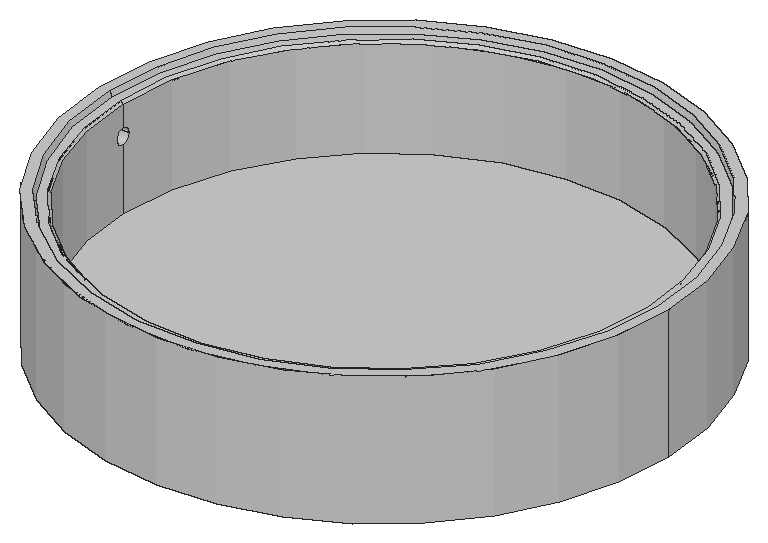
Revit family "KODF 20.5", category Фундамент несущей конструкции, Revit 2025
Family settings
  Материал для поведения модели = Прочее
  Заглушка = Нет
  Номер OmniClass = 23.25.05.00
  Заголовок OmniClass = Foundations
  На основе рабочей плоскости = Нет
  Всегда вертикально = Да
  При загрузке вырезать с полостями = Нет
  Общий = Нет
  Показывать семейство разрезанным на планах = Да
Parameters
  Петля = Петля_П1_П2 : П2
Reference planes
  plane 1 "По центру (Вперед/Назад)": y = -35
  plane 2: z = 0
  plane 3 "По центру (Влево/Вправо)": x = 0
  plane 4: z = 510
  plane 5: through (-1054.295, -4572, 490) normal (-0.9408, 0, -0.3389)
  plane 6: z = 490
  plane 7: z = 480
  plane 8: through (-1010, -4572, 480) normal (-0.7071, 0, -0.7071)
  plane 9: x = -1010
  plane 10: x = -1100
  plane 11: x = -1061.5
  plane 12: through (1054.295, -4572, 490) normal (-0.9408, 0, 0.3389)
  plane 13: through (1010, -4572, 480) normal (-0.7071, 0, 0.7071)
  plane 14: x = 1061.5
  plane 15: z = 370
  plane 16: x = -1090
  plane 17: x = 1010
  plane 18: x = 1100
  plane 19: x = 1090
Forms (mm)
  Extrusion 1, solid, material "Бетон В15"
    sketch origin (0, 0, 0) x (1, 0, 0) y (0, 1, 0)
      loop
        circle (0, -35) r 1100
      loop
        circle (0, -35) r 1010
    from 0 to 510
  Blend 2, void
    base sketch origin (0, 0, 0) x (1, 0, 0) y (0, 1, 0)
      loop
        circle (0, -35) r 1010
    top sketch origin (0, 0, 0) x (1, 0, 0) y (0, 1, 0)
      loop
        circle (0, -35) r 1020
    from 480 to 490
  Blend 3, void
    base sketch origin (0, 0, 0) x (1, 0, 0) y (0, 1, 0)
      loop
        circle (0, -35) r 1054.295
    top sketch origin (0, 0, 0) x (1, 0, 0) y (0, 1, 0)
      loop
        circle (0, -35) r 1061.5
    from 490 to 510
  Extrusion 4, void
    sketch origin (0, 0, 0) x (0, 1, 0) y (0, 0, 1)
      loop
        circle (-35, 370) r 30
    from -1090 to 1090
  Extrusion 5, solid, material "Бетон В15"
    sketch origin (0, 0, 0) x (1, 0, 0) y (0, 1, 0)
      loop
        circle (0, -35) r 1010
    from 0 to 100
Cuts and joins
  Blend 2, Blend 3, Extrusion 4 cuts Extrusion 1
  joined: Extrusion 1, Extrusion 5
Dimensions and locks
  plane 4 to level = 510 mm
  plane 15 to level = 370 mm
  aligned and locked: plane 2 to level
